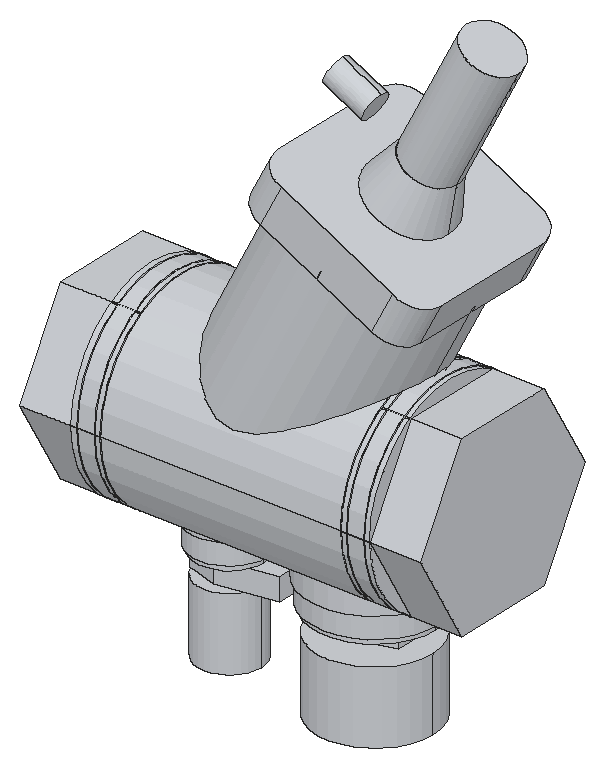
Revit family "PV_Compact_DN050_ 20-80_FF_měř_RFA_2018", category Pipe Accessories, Revit 2018
Family settings
  Round Connector Dimension = Use Diameter
  Part Type = Valve - Breaks Into
  Work Plane-Based = No
  Always vertical = Yes
  Cut with Voids When Loaded = No
  Shared = No
Parameters (values of type "PV Compact DN50 FF s měřením ( 20-80kPa)")
  magiProductId = "de24153ded7e41748f92358b184bd6"
  magiProductFamilyId = "17221e4467384e4990f0bd3f9c07cb"
  magiPartTypeId = 304
  isMeasuringValve [instance] = no
  ang2D [instance] = 0.00°
  Z7 = 15 mm
  Z6 = 46.8 mm
  Z5 = 109.2 mm
  Z4 = 93.6 mm
  Z3 = 15.6 mm
  Z2 = 78 mm
  XR3 = 42.5 mm
  XR2 = 37.5 mm
  XR1 = 25.5 mm
  W2D = 15 mm
  VersionID = "2.0/2018.12.13.2/FRESE_PV_COMPACT_PLUG_Q13_001"
  Use Minimum Symbol Size [instance] = no
  URL = "www.hydronix.cz"
  Type Comments = "závitový s vnitřním závitem; dvěma měřicími vsuvkami; PN25; dpmax=450kPa; -10~+120°C;"
  R5 = 5 mm
  R4 = 15 mm
  R3 = 10 mm
  R2 = 35.25 mm
  R1 = 31.5 mm
  QmdConnectorList = "301;D;302;D"
  Productdata [instance] = ""
  PH__ve = -PH  # -6.4 mm
  PH = 6.4 mm
  NL__ve = -NL  # -27.6 mm
  NL = 27.6 mm
  Manufacturer = "Hydronix"
  MC Use Limits From Balancing Method = no
  MC Throttling Minimum Value = 0
  MC Throttling Maximum Value = 0
  MC Product Code = "53-3218 DN50; FF; nastavitelný rozsah dp=20~80kPa; Q=5000~11500l/h;  kvs=16,2"
  MC Pressure Drop Minimum Value = 0.0 Pa
  MC Pressure Drop Maximum Value = 0.0 Pa
  MC Piping Given Pressure Drop [instance] = 0.0 Pa
  M5 = 51.4 mm
  M4 = 49.4 mm
  M3 = 43.4 mm
  M2 = 41.4 mm
  LP = 69 mm
  LM = 82.8 mm
  LL__ve = -LL  # -7.7 mm
  LLT__ve = -LLT  # -28.9 mm
  LLT = 28.9 mm
  LL2 = 52 mm
  LL = 7.7 mm
  L3 = 25 mm
  L2D_Min = 30.48 mm
  L2D = 65 mm
  Description = "Nastavitelný regulátor tlakové diference"
  DR1 = no
  DR0 = yes
  DL2 = 66 mm
  D = 50 mm
  CenSd_R2_6 = R2 * cos(30.00°)  # 30.527 mm
  CAT0 = yes
  C0D1 = no
  C0D0 = yes
Types (10, lengths in mm): name | magiProductId | Z6 | Z5 | Z4 | Z3 | Z2 | XR3 | XR2 | XR1 | R2 | R1 | PH__ve | PH | NL__ve | NL | MC Product Code | M5 | M4 | M3 | M2 | LP | LM | LL__ve | LLT__ve | LLT | LL2 | LL | L3 | D | CenSd_R2_6
  PV Compact DN15 FF s měřením ( 20-60kPa) | "92c6061b2d364c498536f200ceae3f" | 24.6 | 57.4 | 49.2 | 8.2 | 41 | 30 | 25 | 13 | 14 | 19 | -22.4 | 22.4 | -15 | 15 | "53-3205 DN15; FF; nastavitelný rozsah dp=20~60kPa; Q=100~1000l/h;  kvs=2,9" | 32.5 | 30.5 | 24.5 | 22.5 | 37.5 | 45 | -5.7 | -14.9 | 14.9 | 32 | 5.7 | 11 | 15 | 12.124
  PV Compact DN15 FF s měřením (  5-30kPa) | "f361d342a5c3496a8b127ae77303d4" | 24.6 | 57.4 | 49.2 | 8.2 | 41 | 30 | 25 | 13 | 14 | 19 | -22.4 | 22.4 | -15 | 15 | "53-3204 DN15; FF; nastavitelný rozsah dp=5~30kPa; Q=50~600l/h;  kvs=2,9" | 32.5 | 30.5 | 24.5 | 22.5 | 37.5 | 45 | -5.7 | -14.9 | 14.9 | 32 | 5.7 | 11 | 15 | 12.124
  PV Compact DN20 FF s měřením ( 20-60kPa) | "9f7cac6a20a942348ba3edadb25c10" | 24.6 | 57.4 | 49.2 | 8.2 | 41 | 30 | 25 | 13 | 14 | 19 | -22.4 | 22.4 | -15.8 | 15.8 | "53-3207 DN20; FF; nastavitelný rozsah dp=20~60kPa; Q=150~2000l/h;  kvs=3,5" | 33.7 | 31.7 | 25.7 | 23.7 | 39.5 | 47.4 | -5.7 | -14.9 | 14.9 | 32 | 5.7 | 11 | 20 | 12.124
  PV Compact DN20 FF s měřením (  5-30kPa) | "db23a1b537c14a0d8d3ef5b88ba9f3" | 24.6 | 57.4 | 49.2 | 8.2 | 41 | 30 | 25 | 13 | 14 | 19 | -22.4 | 22.4 | -15.8 | 15.8 | "53-3206 DN20; FF; nastavitelný rozsah dp=5~30kPa; Q=100~1000l/h;  kvs=3,5" | 33.7 | 31.7 | 25.7 | 23.7 | 39.5 | 47.4 | -5.7 | -14.9 | 14.9 | 32 | 5.7 | 11 | 20 | 12.124
  PV Compact DN25 FF s měřením (  5-30kPa) | "df9f1d59aa4a4bbbaec25e168ba07d" | 25.5 | 59.5 | 51 | 8.5 | 42.5 | 30 | 25 | 13 | 14 | 19 | -20.8 | 20.8 | -16.6 | 16.6 | "53-3208 DN25; FF; nastavitelný rozsah dp=5~30kPa; Q=600~2100l/h;  kvs=4,0" | 34.9 | 32.9 | 26.9 | 24.9 | 41.5 | 49.8 | -5.9 | -16.3 | 16.3 | 34 | 5.9 | 11 | 25 | 12.124
  PV Compact DN25L FF s měřením ( 20-80kPa) | "87b7cca8bace4074a54840dfb5d8dc" | 40.2 | 93.8 | 80.4 | 13.4 | 67 | 42.5 | 37.5 | 25.5 | 26.5 | 31.5 | -17.6 | 17.6 | -20 | 20 | "53-3211 DN25L; FF; nastavitelný rozsah dp=20~80kPa; Q=750~4200l/h;  kvs=8,7" | 40 | 38 | 32 | 30 | 50 | 60 | -6.3 | -19.1 | 19.1 | 38 | 6.3 | 11 | 25 | 22.95
  PV Compact DN25L FF s měřením (  5-30kPa) | "5f34f6c18cbb44599cc4b76a533b7b" | 40.2 | 93.8 | 80.4 | 13.4 | 67 | 42.5 | 37.5 | 25.5 | 26.5 | 31.5 | -17.6 | 17.6 | -20 | 20 | "53-3210 DN25L; FF; nastavitelný rozsah dp=5~30kPa; Q=600~2500l/h;  kvs=8,7" | 40 | 38 | 32 | 30 | 50 | 60 | -6.3 | -19.1 | 19.1 | 38 | 6.3 | 11 | 25 | 22.95
  PV Compact DN32 FF s měřením ( 20-80kPa) | "4a8a1c2c3ced401aa76adec660b182" | 40.2 | 93.8 | 80.4 | 13.4 | 67 | 42.5 | 37.5 | 25.5 | 26.5 | 31.5 | -13.6 | 13.6 | -20.8 | 20.8 | "53-3214 DN32; FF; nastavitelný rozsah dp=20~80kPa; Q=1000~5000l/h;  kvs=10,1" | 41.2 | 39.2 | 33.2 | 31.2 | 52 | 62.4 | -6.8 | -22.6 | 22.6 | 43 | 6.8 | 25 | 32 | 22.95
  PV Compact DN40 FF s měřením ( 20-80kPa) | "8dd334465d8f48dd802c3dab6bec5b" | 46.8 | 109.2 | 93.6 | 15.6 | 78 | 42.5 | 37.5 | 25.5 | 26.5 | 31.5 | -11.2 | 11.2 | -27.6 | 27.6 | "53-3216 DN40; FF; nastavitelný rozsah dp=20~80kPa; Q=3000~8000l/h;  kvs=15,8" | 51.4 | 49.4 | 43.4 | 41.4 | 69 | 82.8 | -7.1 | -24.7 | 24.7 | 46 | 7.1 | 25 | 40 | 22.95
  PV Compact DN50 FF s měřením ( 20-80kPa) | "de24153ded7e41748f92358b184bd6" | 46.8 | 109.2 | 93.6 | 15.6 | 78 | 42.5 | 37.5 | 25.5 | 35.25 | 31.5 | -6.4 | 6.4 | -27.6 | 27.6 | "53-3218 DN50; FF; nastavitelný rozsah dp=20~80kPa; Q=5000~11500l/h;  kvs=16,2" | 51.4 | 49.4 | 43.4 | 41.4 | 69 | 82.8 | -7.7 | -28.9 | 28.9 | 52 | 7.7 | 25 | 50 | 30.527
Reference planes
  plane 1 "Center (Front/Back)": y = 0
  plane 2 "XYPLANE": z = 0
  plane 3 "Center (Left/Right)": x = 0
  plane 4 "408": x = 69
  plane 5 "407": x = -69
  plane 6 "402": z = -66
  plane 7 "213": x = 25
  plane 8 "168": z = -24.9
  plane 9 "167": z = -26.9
  plane 10 "166": z = -34.6
  plane 11 "165": z = -42.3
  plane 12 "164": z = -44.3
  plane 13 "154": z = 0
  plane 14 "152": y = 0
  plane 15 "151": z = -52
  plane 16 "150": x = -25
  plane 17 "75": through (307.08, 0, 685.28) normal (0.891, 0, -0.454)
  plane 18 "74": x = 51.4
  plane 19 "73": x = 49.4
  plane 20 "72": x = 43.4
  plane 21 "71": x = 41.4
  plane 22 "70": x = -51.4
  plane 23 "69": x = -49.4
  plane 24 "68": x = -43.4
  plane 25 "67": y = 0
  plane 26 "66": through (-666.893, 0, 343.166) normal (0.454, 0, 0.891)
  plane 27 "65": x = -41.4
  plane 28 "64": through (335.147, 0, 670.979) normal (0.891, 0, -0.454)
  plane 29 "63": through (-632.844, 0, 409.991) normal (0.454, 0, 0.891)
  plane 30 "62": through (363.214, 0, 656.678) normal (0.891, 0, -0.454)
  plane 31 "61": y = 31.5
  plane 32 "60": y = -31.5
  plane 33 "59": through (-625.761, 0, 423.891) normal (0.454, 0, 0.891)
  plane 34 "58": through (-618.679, 0, 437.791) normal (0.454, 0, 0.891)
  plane 35 "57": through (302.625, 0, 687.549) normal (0.891, 0, -0.454)
  plane 36 "56": x = 0
  plane 37 "55": through (-668.255, 0, 340.493) normal (0.454, 0, 0.891)
  plane 38 "102XY": through (-668.255, 0, 340.493) normal (0.454, 0, 0.891)
  plane 39 "102XZ": y = 0
  plane 40 "102YZ": through (340.493, 0, 668.255) normal (0.891, 0, -0.454)
Forms (mm)
  Extrusion 1, solid
    sketch origin (69, -750, 0) x (0, 1, 0) y (0, 0, 1)
      loop
        line (785.25, 0) -> (767.625, 30.527) -> (732.375, 30.527) -> (714.75, 0) -> (732.375, -30.527) -> (767.625, -30.527) -> (785.25, 0)
    from 0 to -27.6 <- "NL__ve"
  Extrusion 2, solid
    sketch origin (-69, -750, 0) x (0, 1, 0) y (0, 0, 1)
      loop
        line (714.75, 0) -> (732.375, -30.527) -> (767.625, -30.527) -> (785.25, 0) -> (767.625, 30.527) -> (732.375, 30.527) -> (714.75, 0)
    from 0 to 27.6 <- "NL"
  Extrusion 3, solid, visible <- "C0D1"
    sketch origin (-750, 0, -66) x (1, 0, 0) y (0, 1, 0)
      loop
        circle (775, 0) r 24
    from 0 to 50
  Extrusion 4, solid, visible <- "DR1"
    sketch origin (-750, 0, -34.6) x (1, 0, 0) y (0, 1, 0)
      loop
        line (775, -24.5) -> (790.292, -6) -> (790.292, 6) -> (775, 24.5) -> (750.608, 6) -> (750.608, -6) -> (775, -24.5)
    from 0 to -6.4 <- "PH__ve"
  Extrusion 5, solid, visible <- "DR1"
    sketch origin (-750, 0, -34.6) x (1, 0, 0) y (0, 1, 0)
      loop
        circle (775, 0) r 24
    from 0 to 7.7 <- "LL"
  Blend 6, solid, visible <- "DR1"
    base sketch origin (-750, 0, -24.9) x (1, 0, 0) y (0, 1, 0)
      loop
        circle (775, 0) r 21.5
    top sketch origin (-750, 0, -24.9) x (1, 0, 0) y (0, 1, 0)
      loop
        circle (775, 0) r 24
    from 0 to -2
  Extrusion 7, solid, visible <- "DR1"
    sketch origin (-750, 0, 0) x (1, 0, 0) y (0, 1, 0)
      loop
        circle (775, 0) r 21.5
    from 0 to -28.9 <- "LLT__ve"
  Extrusion 8, solid, visible <- "C0D0"
    sketch origin (-750, 0, -52) x (1, 0, 0) y (0, 1, 0)
      loop
        circle (775, 0) r 20
    from 0 to -25
  Extrusion 9, solid, visible <- "DR0"
    sketch origin (-750, 0, -44.3) x (1, 0, 0) y (0, 1, 0)
      loop
        line (775, -7) -> (785.962, -3.5) -> (785.962, 3.5) -> (775, 7) -> (754.938, 3.5) -> (754.938, -3.5) -> (775, -7)
    from 0 to -7.7 <- "LL__ve"
  Extrusion 10, solid, visible <- "DR0"
    sketch origin (-750, 0, -44.3) x (1, 0, 0) y (0, 1, 0)
      loop
        circle (775, 0) r 21
    from 0 to 2
  Extrusion 11, solid, visible <- "DR0"
    sketch origin (-750, 0, -34.6) x (1, 0, 0) y (0, 1, 0)
      loop
        circle (775, 0) r 23
    from 0 to 7.7 <- "LL"
  Blend 12, solid, visible <- "DR0"
    base sketch origin (-750, 0, -24.9) x (1, 0, 0) y (0, 1, 0)
      loop
        circle (775, 0) r 20.5
    top sketch origin (-750, 0, -24.9) x (1, 0, 0) y (0, 1, 0)
      loop
        circle (775, 0) r 23
    from 0 to -2
  Extrusion 13, solid, visible <- "DR0"
    sketch origin (-750, 0, 0) x (1, 0, 0) y (0, 1, 0)
      loop
        circle (775, 0) r 20.5
    from 0 to -28.9 <- "LLT__ve"
  Extrusion 14, solid, visible <- "DR0"
    sketch origin (-750, 0, 0) x (1, 0, 0) y (0, 1, 0)
      loop
        circle (775, 0) r 20.5
    from 0 to -28.9 <- "LLT__ve"
  Blend 15, solid, visible <- "DR0"
    base sketch origin (-750, 0, -24.9) x (1, 0, 0) y (0, 1, 0)
      loop
        circle (775, 0) r 20.5
    top sketch origin (-750, 0, -24.9) x (1, 0, 0) y (0, 1, 0)
      loop
        circle (775, 0) r 23
    from 0 to -2
  Extrusion 16, solid, visible <- "DR0"
    sketch origin (-750, 0, -34.6) x (1, 0, 0) y (0, 1, 0)
      loop
        circle (775, 0) r 23
    from 0 to 7.7 <- "LL"
  Extrusion 17, solid, visible <- "DR0"
    sketch origin (-750, 0, -42.3) x (1, 0, 0) y (0, 1, 0)
      loop
        circle (775, 0) r 22
    from 0 to 7.7 <- "LL"
  Extrusion 18, solid, visible <- "DR0"
    sketch origin (-750, 0, -44.3) x (1, 0, 0) y (0, 1, 0)
      loop
        circle (775, 0) r 21
    from 0 to 2
  Extrusion 19, solid, visible <- "DR0"
    sketch origin (-750, 0, -44.3) x (1, 0, 0) y (0, 1, 0)
      loop
        line (775, -7) -> (785.962, -3.5) -> (785.962, 3.5) -> (775, 7) -> (754.938, 3.5) -> (754.938, -3.5) -> (775, -7)
    from 0 to -7.7 <- "LL__ve"
  Extrusion 20, solid, visible <- "C0D0"
    sketch origin (-750, 0, -52) x (1, 0, 0) y (0, 1, 0)
      loop
        circle (775, 0) r 20
    from 0 to -25
  Extrusion 21, solid, visible <- "CAT0"
    sketch origin (-750, 0, -52) x (1, 0, 0) y (0, 1, 0)
      loop
        circle (725, 0) r 10.9
    from 0 to -25
  Extrusion 22, solid
    sketch origin (-750, 0, -44.3) x (1, 0, 0) y (0, 1, 0)
      loop
        line (725, -7) -> (745.062, -3.5) -> (745.062, 3.5) -> (725, 7) -> (714.038, 3.5) -> (714.038, -3.5) -> (725, -7)
    from 0 to -7.7 <- "LL__ve"
  Extrusion 23, solid
    sketch origin (-750, 0, -44.3) x (1, 0, 0) y (0, 1, 0)
      loop
        circle (725, 0) r 11.9
    from 0 to 2
  Extrusion 24, solid
    sketch origin (-750, 0, -42.3) x (1, 0, 0) y (0, 1, 0)
      loop
        circle (725, 0) r 12.9
    from 0 to 7.7 <- "LL"
  Extrusion 25, solid
    sketch origin (-750, 0, -34.6) x (1, 0, 0) y (0, 1, 0)
      loop
        circle (725, 0) r 13.9
    from 0 to 7.7 <- "LL"
  Blend 26, solid
    base sketch origin (-750, 0, -24.9) x (1, 0, 0) y (0, 1, 0)
      loop
        circle (725, 0) r 11.4
    top sketch origin (-750, 0, -24.9) x (1, 0, 0) y (0, 1, 0)
      loop
        circle (725, 0) r 13.9
    from 0 to -2
  Extrusion 27, solid
    sketch origin (-750, 0, 0) x (1, 0, 0) y (0, 1, 0)
      loop
        circle (725, 0) r 11.4
    from 0 to -28.9 <- "LLT__ve"
  Blend 28, solid, visible <- "CAT0"
    base sketch origin (49.4, -750, 0) x (0, 1, 0) y (0, 0, 1)
      loop
        circle (750, 0) r 35.25
    top sketch origin (49.4, -750, 0) x (0, 1, 0) y (0, 0, 1)
      loop
        circle (750, 0) r 35.25
    from 0 to 2
  Extrusion 29, solid, visible <- "CAT0"
    sketch origin (43.4, -750, 0) x (0, 1, 0) y (0, 0, 1)
      loop
        circle (750, 0) r 35.25
    from 0 to 6
  Blend 30, solid, visible <- "CAT0"
    base sketch origin (41.4, -750, 0) x (0, 1, 0) y (0, 0, 1)
      loop
        circle (750, 0) r 35.25
    top sketch origin (41.4, -750, 0) x (0, 1, 0) y (0, 0, 1)
      loop
        circle (750, 0) r 35.25
    from 0 to 2
  Blend 31, solid, visible <- "CAT0"
    base sketch origin (-49.4, -750, 0) x (0, 1, 0) y (0, 0, 1)
      loop
        circle (750, 0) r 35.25
    top sketch origin (-49.4, -750, 0) x (0, 1, 0) y (0, 0, 1)
      loop
        circle (750, 0) r 35.25
    from 0 to -2
  Extrusion 32, solid, visible <- "CAT0"
    sketch origin (-49.4, -750, 0) x (0, 1, 0) y (0, 0, 1)
      loop
        circle (750, 0) r 35.25
    from 0 to 6
  Blend 33, solid, visible <- "CAT0"
    base sketch origin (-43.4, -750, 0) x (0, 1, 0) y (0, 0, 1)
      loop
        circle (750, 0) r 35.25
    top sketch origin (-43.4, -750, 0) x (0, 1, 0) y (0, 0, 1)
      loop
        circle (750, 0) r 35.25
    from 0 to 2
  Extrusion 34, solid, visible <- "CAT0"
    sketch origin (-41.4, -750, 0) x (0, 1, 0) y (0, 0, 1)
      loop
        circle (750, 0) r 35.25
    from 0 to 82.8 <- "LM"
  Extrusion 35, solid, visible <- "CAT0"
    sketch origin (-666.893, 0, 343.166) x (0.891007, 0, -0.45399) y (0, 1, 0)
      loop
        circle (744, 0) r 31.5
    from 0 to 78 <- "Z2"
  Extrusion 36, solid, visible <- "CAT0"
    sketch origin (-632.844, 0, 409.991) x (0.891007, 0, -0.45399) y (0, 1, 0)
      loop
        arc (722.5, 31.5) -> (715.429, 28.571) -> (712.5, 21.5) r 10
        line (712.5, 21.5) -> (712.5, -21.5)
        arc (712.5, -21.5) -> (715.429, -28.571) -> (722.5, -31.5) r 10
        line (722.5, -31.5) -> (765.5, -31.5)
        arc (765.5, -31.5) -> (772.571, -28.571) -> (775.5, -21.5) r 10
        line (775.5, -21.5) -> (775.5, 21.5)
        arc (775.5, 21.5) -> (772.571, 28.571) -> (765.5, 31.5) r 10
        line (765.5, 31.5) -> (722.5, 31.5)
    from 0 to 15.6 <- "Z3"
  Blend 37, solid, visible <- "CAT0"
    base sketch origin (-625.761, 0, 423.891) x (0.891007, 0, -0.45399) y (0, 1, 0)
      loop
        circle (744, 0) r 15
    top sketch origin (-625.761, 0, 423.891) x (0.891007, 0, -0.45399) y (0, 1, 0)
      loop
        circle (744, 0) r 10
    from 0 to 15.6
  Extrusion 38, solid, visible <- "CAT0"
    sketch origin (-618.679, 0, 437.791) x (0.891007, 0, -0.45399) y (0, 1, 0)
      loop
        circle (744, 0) r 10
    from 0 to 46.8 <- "Z6"
  Extrusion 39, solid, visible <- "CAT0"
    sketch origin (302.625, 0, 687.549) x (-0.45399, 0, -0.891007) y (0, 1, 0)
      loop
        circle (640.8, 0) r 5
    from 0 to 15 <- "Z7"
  Blend 40, solid, visible <- "CAT0"
    base sketch origin (-668.255, 0, 340.493) x (0.891007, 0, -0.45399) y (0, 1, 0)
      loop
        circle (744, 0) r 27.5
    top sketch origin (-668.255, 0, 340.493) x (0.891007, 0, -0.45399) y (0, 1, 0)
      loop
        circle (744, 0) r 31.5
    from 0 to 3
  Extrusion 41, solid, not visible
    sketch origin (-51.4, -750, 0) x (0, 1, 0) y (0, 0, 1)
      loop
        circle (750, 0) r 22.5
    from 0 to 10
  Extrusion 42, solid, not visible
    sketch origin (51.4, -750, 0) x (0, 1, 0) y (0, 0, 1)
      loop
        circle (750, 0) r 22.5
    from 0 to -10
Lines and regions (mm)
  reference lines, not visible
    curve 1: circle (2, 2, 0) r 1 normal (0, 0, 1)
  reference lines
    curve 2: line (69, 0, 0) -> (69, -3.5, 6.062)
    curve 3: line (69, 0, 0) -> (69, -7, 0)
    curve 4: line (69, 0, 0) -> (69, -3.5, -6.062)
    curve 5: line (-69, 0, 0) -> (-69, 3.5, 6.062)
    curve 6: line (-69, 0, 0) -> (-69, 7, 0)
    curve 7: line (-69, 0, 0) -> (-69, 3.5, -6.062)
Dimensions and locks
  plane 1 "Center (Front/Back)" to curve 1 = 2 mm
  "LP": plane 36 "56" to plane 4 "408"
  "LP": plane 36 "56" to plane 5 "407"
  "DL2": plane 2 "XYPLANE" to plane 6 "402"
  "L3": plane 3 "Center (Left/Right)" to plane 7 "213"
  locked: plane 9 "167" to plane 8 "168" at 2
  "LL": plane 10 "166" to plane 9 "167"
  "LL": plane 11 "165" to plane 10 "166"
  locked: plane 12 "164" to plane 11 "165" at 2
  "LL": plane 15 "151" to plane 12 "164"
  locked: plane 2 "XYPLANE" to plane 13 "154"
  locked: plane 1 "Center (Front/Back)" to plane 14 "152"
  "LL2": plane 2 "XYPLANE" to plane 15 "151"
  "L3": plane 3 "Center (Left/Right)" to plane 16 "150"
  "XR2": plane 40 "102YZ" to plane 17 "75"
  "M5": plane 3 "Center (Left/Right)" to plane 18 "74"
  "M4": plane 3 "Center (Left/Right)" to plane 19 "73"
  "M3": plane 3 "Center (Left/Right)" to plane 20 "72"
  "M2": plane 3 "Center (Left/Right)" to plane 21 "71"
  "M5": plane 3 "Center (Left/Right)" to plane 22 "70"
  "M4": plane 3 "Center (Left/Right)" to plane 23 "69"
  "M3": plane 3 "Center (Left/Right)" to plane 24 "68"
  locked: plane 14 "152" to plane 25 "67"
  locked: plane 38 "102XY" to plane 26 "66" at 3
  "M2": plane 3 "Center (Left/Right)" to plane 27 "65"
  locked: plane 40 "102YZ" to plane 28 "64" at 6
  "Z2": plane 38 "102XY" to plane 29 "63"
  "XR1": plane 40 "102YZ" to plane 30 "62"
  "R1": plane 14 "152" to plane 31 "61"
  "R1": plane 14 "152" to plane 32 "60"
  "Z4": plane 38 "102XY" to plane 33 "59"
  "Z5": plane 38 "102XY" to plane 34 "58"
  "XR3": plane 40 "102YZ" to plane 35 "57"
  locked: plane 3 "Center (Left/Right)" to plane 36 "56"
  locked: plane 38 "102XY" to plane 37 "55"
  "CenSd_R2_6": curve 2 to Extrusion 1 sketch curve  (x2)
  "CenSd_R2_6": curve 3 to Extrusion 1 sketch curve  (x2)
  "CenSd_R2_6": curve 4 to Extrusion 1 sketch curve  (x2)
  Extrusion 1 sketch curve to Extrusion 1 sketch curve = 0 mm  (x12)
  "CenSd_R2_6": curve 5 to Extrusion 2 sketch curve  (x2)
  "CenSd_R2_6": curve 6 to Extrusion 2 sketch curve  (x2)
  "CenSd_R2_6": curve 7 to Extrusion 2 sketch curve  (x2)
  Extrusion 2 sketch curve to Extrusion 2 sketch curve = 0 mm  (x12)
  Extrusion 4 sketch curve to Extrusion 4 sketch curve = 0 mm  (x12)
  Extrusion 9 sketch curve to Extrusion 9 sketch curve = 0 mm  (x12)
  Extrusion 19 sketch curve to Extrusion 19 sketch curve = 0 mm  (x12)
  Extrusion 22 sketch curve to Extrusion 22 sketch curve = 0 mm  (x12)
  Extrusion 36 sketch curve to Extrusion 36 sketch curve = 0 mm  (x16)
  "R2": radius of Blend 28 sketch curve  (x2)
  "R2": radius of Extrusion 29 sketch curve
  "R2": radius of Blend 30 sketch curve  (x2)
  "R2": radius of Blend 31 sketch curve  (x2)
  "R2": radius of Extrusion 32 sketch curve
  "R2": radius of Blend 33 sketch curve  (x2)
  "R2": radius of Extrusion 34 sketch curve
  "R1": radius of Extrusion 35 sketch curve
  radius of Extrusion 36 sketch curve = 10 mm  (x4)
  "R3": radius of Blend 37 sketch curve
  "R4": radius of Blend 37 sketch curve
  "R3": radius of Extrusion 38 sketch curve
  "R5": radius of Extrusion 39 sketch curve
  "R1": radius of Blend 40 sketch curve
  locked: curve 3 to curve 2 (angle 60.00°)
  locked: curve 4 to curve 3 (angle 60.00°)
  locked: curve 4 to curve 2 (angle 120.00°)
  locked: curve 6 to curve 5 (angle 60.00°)
  locked: curve 7 to curve 6 (angle 60.00°)
  locked: curve 7 to curve 5 (angle 120.00°)
  aligned and locked: level to plane 2 "XYPLANE"
  aligned and locked: plane 13 "154" to curve 4
  aligned and locked: curve 4 to plane 14 "152"
  aligned and locked: plane 13 "154" to curve 7
  aligned and locked: curve 7 to plane 14 "152"
  aligned and locked: plane 7 "213" to Extrusion 3 sketch curve
  aligned and locked: plane 14 "152" to Extrusion 3 sketch curve
  aligned and locked: plane 7 "213" to Extrusion 5 sketch curve
  aligned and locked: plane 14 "152" to Extrusion 5 sketch curve
  aligned and locked: plane 7 "213" to Blend 6 sketch curve  (x2)
  aligned and locked: plane 14 "152" to Blend 6 sketch curve  (x2)
  aligned and locked: Blend 6 to plane 9 "167"
  aligned and locked: plane 7 "213" to Extrusion 7 sketch curve
  aligned and locked: plane 14 "152" to Extrusion 7 sketch curve
  aligned and locked: plane 7 "213" to Extrusion 8 sketch curve
  aligned and locked: plane 14 "152" to Extrusion 8 sketch curve
  aligned and locked: plane 7 "213" to Extrusion 10 sketch curve
  aligned and locked: plane 14 "152" to Extrusion 10 sketch curve
  aligned and locked: plane 7 "213" to Extrusion 11 sketch curve
  aligned and locked: plane 14 "152" to Extrusion 11 sketch curve
  aligned and locked: plane 7 "213" to Blend 12 sketch curve  (x2)
  aligned and locked: plane 14 "152" to Blend 12 sketch curve  (x2)
  aligned and locked: Blend 12 to plane 9 "167"
  aligned and locked: plane 7 "213" to Extrusion 13 sketch curve
  aligned and locked: plane 14 "152" to Extrusion 13 sketch curve
  aligned and locked: plane 7 "213" to Extrusion 14 sketch curve
  aligned and locked: plane 14 "152" to Extrusion 14 sketch curve
  aligned and locked: plane 7 "213" to Blend 15 sketch curve  (x2)
  aligned and locked: plane 14 "152" to Blend 15 sketch curve  (x2)
  aligned and locked: Blend 15 to plane 9 "167"
  aligned and locked: plane 7 "213" to Extrusion 16 sketch curve
  aligned and locked: plane 14 "152" to Extrusion 16 sketch curve
  aligned and locked: plane 7 "213" to Extrusion 17 sketch curve
  aligned and locked: plane 14 "152" to Extrusion 17 sketch curve
  aligned and locked: plane 7 "213" to Extrusion 18 sketch curve
  aligned and locked: plane 14 "152" to Extrusion 18 sketch curve
  aligned and locked: plane 7 "213" to Extrusion 20 sketch curve
  aligned and locked: plane 14 "152" to Extrusion 20 sketch curve
  aligned and locked: plane 14 "152" to Extrusion 21 sketch curve
  aligned and locked: plane 16 "150" to Extrusion 21 sketch curve
  aligned and locked: plane 14 "152" to Extrusion 23 sketch curve
  aligned and locked: plane 16 "150" to Extrusion 23 sketch curve
  aligned and locked: plane 14 "152" to Extrusion 24 sketch curve
  aligned and locked: plane 16 "150" to Extrusion 24 sketch curve
  aligned and locked: plane 14 "152" to Extrusion 25 sketch curve
  aligned and locked: plane 16 "150" to Extrusion 25 sketch curve
  aligned and locked: plane 14 "152" to Blend 26 sketch curve  (x2)
  aligned and locked: plane 16 "150" to Blend 26 sketch curve  (x2)
  aligned and locked: Blend 26 to plane 9 "167"
  aligned and locked: plane 14 "152" to Extrusion 27 sketch curve
  aligned and locked: plane 16 "150" to Extrusion 27 sketch curve
  aligned and locked: plane 13 "154" to Blend 28 sketch curve  (x2)
  aligned and locked: Blend 28 sketch curve to plane 14 "152"  (x2)
  aligned and locked: plane 18 "74" to Blend 28
  aligned and locked: plane 13 "154" to Extrusion 29 sketch curve
  aligned and locked: Extrusion 29 sketch curve to plane 14 "152"
  aligned and locked: plane 13 "154" to Blend 30 sketch curve  (x2)
  aligned and locked: Blend 30 sketch curve to plane 14 "152"  (x2)
  aligned and locked: plane 20 "72" to Blend 30
  aligned and locked: plane 13 "154" to Blend 31 sketch curve  (x2)
  aligned and locked: Blend 31 sketch curve to plane 14 "152"  (x2)
  aligned and locked: Blend 31 to plane 22 "70"
  aligned and locked: plane 13 "154" to Extrusion 32 sketch curve
  aligned and locked: Extrusion 32 sketch curve to plane 14 "152"
  aligned and locked: plane 13 "154" to Blend 33 sketch curve  (x2)
  aligned and locked: Blend 33 sketch curve to plane 14 "152"  (x2)
  aligned and locked: plane 27 "65" to Blend 33
  aligned and locked: plane 13 "154" to Extrusion 34 sketch curve
  aligned and locked: Extrusion 34 sketch curve to plane 14 "152"
  aligned and locked: plane 25 "67" to Extrusion 35 sketch curve
  aligned and locked: Extrusion 35 sketch curve to plane 28 "64"
  aligned and locked: Extrusion 36 sketch curve to plane 17 "75"
  aligned and locked: Extrusion 36 sketch curve to plane 32 "60"
  aligned and locked: Extrusion 36 sketch curve to plane 30 "62"
  aligned and locked: plane 31 "61" to Extrusion 36 sketch curve
  aligned and locked: plane 25 "67" to Blend 37 sketch curve  (x2)
  aligned and locked: Blend 37 sketch curve to plane 28 "64"  (x2)
  aligned and locked: plane 34 "58" to Blend 37
  aligned and locked: plane 25 "67" to Extrusion 38 sketch curve
  aligned and locked: Extrusion 38 sketch curve to plane 28 "64"
  aligned and locked: plane 25 "67" to Extrusion 39 sketch curve
  aligned and locked: plane 34 "58" to Extrusion 39 sketch curve
  aligned and locked: plane 25 "67" to Blend 40 sketch curve  (x2)
  aligned and locked: Blend 40 sketch curve to plane 28 "64"  (x2)
  aligned and locked: plane 26 "66" to Blend 40
  aligned and locked: plane 13 "154" to Extrusion 41 sketch curve
  aligned and locked: Extrusion 41 sketch curve to plane 14 "152"
  aligned and locked: plane 13 "154" to Extrusion 42 sketch curve
  aligned and locked: Extrusion 42 sketch curve to plane 14 "152"
Automatic sketch dimensions
  plane 3 "Center (Left/Right)" to Extrusion 3 sketch curve = 1 mm
  Extrusion 4 sketch curve to plane 7 "213" = 0 mm  (x2)
  plane 3 "Center (Left/Right)" to Extrusion 4 sketch curve = 0.608 mm
  Extrusion 4 sketch curve to plane 21 "71" = 1.108 mm
  plane 32 "60" to Extrusion 4 sketch curve = 7 mm
  plane 1 "Center (Front/Back)" to Extrusion 4 sketch curve = 6 mm  (x2)
  Extrusion 4 sketch curve to plane 1 "Center (Front/Back)" = 6 mm  (x2)
  Extrusion 4 sketch curve to plane 31 "61" = 7 mm
  plane 3 "Center (Left/Right)" to Extrusion 5 sketch curve = 1 mm
  plane 3 "Center (Left/Right)" to Blend 6 sketch curve = 3.5 mm
  plane 3 "Center (Left/Right)" to Blend 6 sketch curve = 1 mm
  plane 3 "Center (Left/Right)" to Extrusion 7 sketch curve = 3.5 mm
  plane 3 "Center (Left/Right)" to Extrusion 8 sketch curve = 5 mm
  Extrusion 9 sketch curve to plane 7 "213" = 0 mm  (x2)
  plane 3 "Center (Left/Right)" to Extrusion 9 sketch curve = 4.938 mm
  Extrusion 9 sketch curve to plane 21 "71" = 5.438 mm
  plane 1 "Center (Front/Back)" to Extrusion 9 sketch curve = 7 mm
  plane 1 "Center (Front/Back)" to Extrusion 9 sketch curve = 3.5 mm  (x2)
  Extrusion 9 sketch curve to plane 1 "Center (Front/Back)" = 3.5 mm  (x2)
  Extrusion 9 sketch curve to Extrusion 9 sketch curve = 3.5 mm
  plane 3 "Center (Left/Right)" to Extrusion 10 sketch curve = 4 mm
  plane 3 "Center (Left/Right)" to Extrusion 11 sketch curve = 2 mm
  plane 3 "Center (Left/Right)" to Blend 12 sketch curve = 4.5 mm
  plane 3 "Center (Left/Right)" to Blend 12 sketch curve = 2 mm
  plane 3 "Center (Left/Right)" to Extrusion 13 sketch curve = 4.5 mm
  plane 3 "Center (Left/Right)" to Extrusion 14 sketch curve = 4.5 mm
  plane 3 "Center (Left/Right)" to Blend 15 sketch curve = 4.5 mm
  plane 3 "Center (Left/Right)" to Blend 15 sketch curve = 2 mm
  plane 3 "Center (Left/Right)" to Extrusion 16 sketch curve = 2 mm
  plane 3 "Center (Left/Right)" to Extrusion 17 sketch curve = 3 mm
  plane 3 "Center (Left/Right)" to Extrusion 18 sketch curve = 4 mm
  Extrusion 19 sketch curve to plane 7 "213" = 0 mm  (x2)
  plane 3 "Center (Left/Right)" to Extrusion 19 sketch curve = 4.938 mm
  Extrusion 19 sketch curve to plane 21 "71" = 5.438 mm
  plane 1 "Center (Front/Back)" to Extrusion 19 sketch curve = 7 mm
  plane 1 "Center (Front/Back)" to Extrusion 19 sketch curve = 3.5 mm  (x2)
  Extrusion 19 sketch curve to plane 1 "Center (Front/Back)" = 3.5 mm  (x2)
  Extrusion 19 sketch curve to Extrusion 19 sketch curve = 3.5 mm
  plane 3 "Center (Left/Right)" to Extrusion 20 sketch curve = 5 mm
  plane 27 "65" to Extrusion 21 sketch curve = 5.5 mm
  Extrusion 22 sketch curve to plane 16 "150" = 0 mm  (x2)
  plane 27 "65" to Extrusion 22 sketch curve = 5.438 mm
  Extrusion 22 sketch curve to plane 3 "Center (Left/Right)" = 4.938 mm
  plane 1 "Center (Front/Back)" to Extrusion 22 sketch curve = 7 mm
  plane 1 "Center (Front/Back)" to Extrusion 22 sketch curve = 3.5 mm  (x2)
  Extrusion 22 sketch curve to plane 1 "Center (Front/Back)" = 3.5 mm  (x2)
  Extrusion 22 sketch curve to Extrusion 22 sketch curve = 3.5 mm
  plane 27 "65" to Extrusion 23 sketch curve = 4.5 mm
  plane 27 "65" to Extrusion 24 sketch curve = 3.5 mm
  plane 27 "65" to Extrusion 25 sketch curve = 2.5 mm
  plane 27 "65" to Blend 26 sketch curve = 5 mm
  plane 27 "65" to Blend 26 sketch curve = 2.5 mm
  plane 27 "65" to Extrusion 27 sketch curve = 5 mm
  plane 17 "75" to Blend 40 sketch curve = 4 mm
  plane 32 "60" to Extrusion 41 sketch curve = 9 mm
  plane 32 "60" to Extrusion 42 sketch curve = 9 mm
  plane 3 "Center (Left/Right)" to curve 1 = 2 mm
  radius of curve 1 = 1 mm
Connectors
  piping at (-51.4, 0, 0), diameter 50, driven by "D"
    settings: on Extrusion 41, index 1, connector inside diameter 609.6 mm, connector length 0 mm, flow factor 0, pipe flow 0.0 L/s, pressure drop 0.0 Pa, fitting loss kfactor 0, connector angle 0.00°, fixture units 0, engagement length 0 mm, angle of deflection 0.00°, flow configuration 0, flow direction 0, fitting loss method 0, system type 29, joint type 0, gender type 0, connector reference index 2, connector utility 0, adjustable connector no, is connector primary yes, connector description ""
  piping at (51.4, 0, 0), diameter 50, driven by "D"
    settings: on Extrusion 42, index 2, connector inside diameter 609.6 mm, connector length 0 mm, flow factor 0, pipe flow 0.0 L/s, pressure drop 0.0 Pa, fitting loss kfactor 0, connector angle 0.00°, fixture units 0, engagement length 0 mm, angle of deflection 0.00°, flow configuration 0, flow direction 0, fitting loss method 0, system type 29, joint type 0, gender type 0, connector reference index 1, connector utility 0, adjustable connector no, is connector primary no, connector description ""
